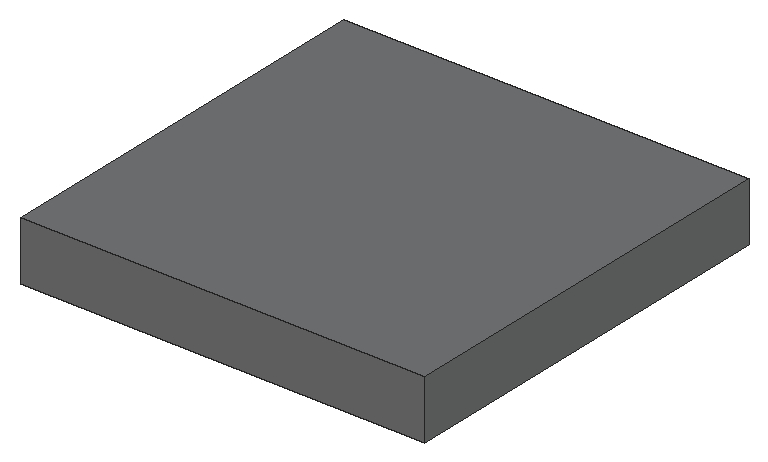
Revit family "Gira_086901", category Electrical Fixtures, host Face, Revit 2017
Family settings
  Host = Face
  Maintain Annotation Orientation = No
  Round Connector Dimension = Use Diameter
  Part Type = Normal
  Cut with Voids When Loaded = No
  Shared = No
  Room Calculation Point = No
Parameters (values of type "Cov. coax.antenna sock. System 55 cr.white")
  URL = "http://katalog.gira.de/en/datenblatt.html?artikelnr=086901"
  Transparent = "No"
  Name = "Cov. coax.antenna sock. System 55 cr.white"
  Manufacturer URL = "https://www.gira.de/"
  Manufacturer = "Gira"
  Keynote = ""
  HeinzeBIM = "https://bimportal.heinze.de/bim/cov-coax-antenna-sock-system-55-cr-white/fb6446db30fd469ab678f064253e435547fe3247"
  HAN = "086901"
  GTIN = "4010337869016"
  Description = "Cov.coax Sys55 CW,Cover for coaxial antenna socket,,cream white glossy,Features:,- Third hole can be broken out.,,Notes :,- For screw mounting only."
  Default Elevation = 1219.2 mm
  Data sheet (1) = "https://katalog.gira.de/en/download.html?artikelnr=086901"
  Category = "Insert/cover for communication technology"
  BIM (1) = "https://media.stage.bim.site/public/gira/36a6b08/Sys55_Abdeckung_Schalten und Tasten.rfa?public/gira/36a6b08/Sys55_Abdeckung_Schalten und Tasten.rfa"
  Available = "No"
  Anthrazit [instance] = Anthrazit
Reference planes
  plane 1 "Center (Front/Back)": y = 0
  plane 2: z = 0
  plane 3 "Center (Left/Right)": x = 0
Forms (mm)
  Extrusion 1, solid, material "Anthrazit" <- "Anthrazit", detail levels fine
    sketch origin (0, 0, 0) x (1, 0, 0) y (0, 1, 0)
      loop
        line (-27.5, 27.5) -> (-27.5, -27.5) -> (27.5, -27.5) -> (27.5, 27.5) -> (-27.5, 27.5)
    from 0 to 8
  Extrusion 2, void
    sketch origin (0, 0, 0) x (1, 0, 0) y (0, 1, 0)
      loop
        line (26, 26) -> (-26, 26) -> (-26, -26) -> (26, -26) -> (26, 26)
    from 0 to 6
  Extrusion 3, solid, material "Anthrazit" <- "Anthrazit", detail levels medium
    sketch origin (0, 0, 0) x (1, 0, 0) y (0, 1, 0)
      loop
        line (-27.5, 27.5) -> (-27.5, -27.5) -> (27.5, -27.5) -> (27.5, 27.5) -> (-27.5, 27.5)
    from 0 to 8
  Extrusion 4, solid, material "Anthrazit" <- "Anthrazit", detail levels medium
    sketch origin (0, 0, 0) x (1, 0, 0) y (0, 1, 0)
      loop
        line (11, -17.5) -> (11, 17.5) -> (-11, 17.5) -> (-11, -17.5) -> (11, -17.5)
    from -6 to 6
  Extrusion 5, solid, material "Anthrazit" <- "Anthrazit", detail levels fine
    sketch origin (0, 0, 0) x (1, 0, 0) y (0, 1, 0)
      loop
        line (11, 17.5) -> (-11, 17.5) -> (-11, 16.5) -> (11, 16.5) -> (11, 17.5)
      loop
        line (-11, -16.5) -> (-11, -17.5) -> (11, -17.5) -> (11, -16.5) -> (-11, -16.5)
    from -4 to 6
  Extrusion 6, solid, material "Anthrazit" <- "Anthrazit", detail levels fine
    sketch origin (0, 0, 0) x (1, 0, 0) y (0, 1, 0)
      loop
        arc (5, 9.347) -> (0, 10.6) -> (-5, 9.347) r 10.6
        line (-5, 9.347) -> (-5, -9.347)
        arc (-5, -9.347) -> (0, -10.6) -> (5, -9.347) r 10.6
        line (5, -9.347) -> (5, 9.347)
    from -6 to 6
  Extrusion 7, solid, material "Anthrazit" <- "Anthrazit", detail levels coarse
    sketch origin (0, 0, 0) x (1, 0, 0) y (0, 1, 0)
      loop
        line (-27.5, 27.5) -> (-27.5, -27.5) -> (27.5, -27.5) -> (27.5, 27.5) -> (-27.5, 27.5)
    from -6 to 8
Cuts and joins
  Extrusion 2 cuts Extrusion 1
Dimensions and locks
  aligned and locked: plane 2 to host face
  aligned and locked: level to host face
